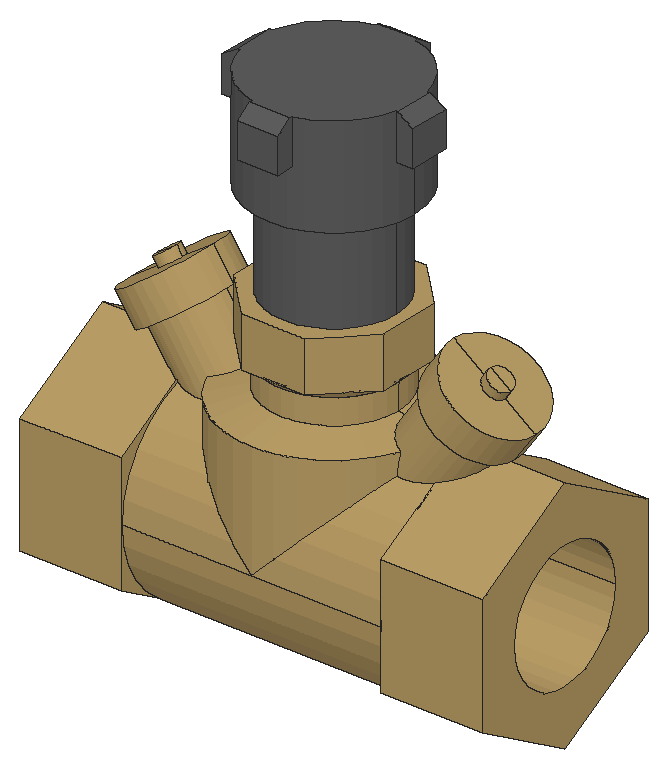
Revit family "oventrop_hycocon-vtz_1061704-16rfa", category Арматура трубопроводов, Revit 2017
Family settings
  Размер круглого соединителя = Использовать радиус
  Тип детали = Клапан - Вставляется
  Номер OmniClass = 23.65.55.14.17
  Заголовок OmniClass = Adjusting/Controlling Valves for Liquid Services
  На основе рабочей плоскости = Нет
  Всегда вертикально = Да
  При загрузке вырезать с полостями = Нет
  Общий = Нет
Parameters (values of type "DN 25")
  t2 = Female_Port_Width / 5  # 3.360 mm
  Use Nominal Diameter [instance] = yes
  built-in parameter 1114242 [instance] = 1
  Stabu Code = ""
  Revit Version = "2015"  # constant formula
  Product Line = "Oventrop"  # constant formula
  Language = ""
  IFCExportType = "PRESSUREREDUCING"
  IFCExportAs = "IfcValveType"
  Function Code [instance] = ""
  Female_Port_Width = 16.800 mm
  Family Version = "10.14"  # constant formula
  ETIM Article Class = "EC011463"
  EMCS Version = "2.0"  # constant formula
  Custom = no
  CB-NL Class = ""
  Bonnet_width = if(NominalDiameter < 30.000 mm, 38.000 mm, 50.000 mm)  # 38.000 mm
  Wholesaler Art. No. = ""
  Wholesaler = ""
  URL = "http://file-system.ru/catalog/zdaniya_i_sooruzheniya/kommunikatsii/oborudovanie_dlya_sistem_vodosnabzheniya_i_vodootvedeniya/hycocon_vtz_latun_dn_15_50_ventil_reguliruyushchiy/"
  SW2 = Nut_Dimension / sqrt(3 / 4)  # 47.343 mm
  Nut_Dimension = 41.000 mm
  Rad5 = 10.000 mm  # constant formula
  Rad4_a = (2 * Rad4) / (1 + sqrt(2))  # 12.426 mm
  Rad4 = 15.000 mm  # constant formula
  Rad3 = Rad4 - 2.000 mm  # 13.000 mm
  Rad2 = (Nut_Dimension / 2)  # 20.500 mm
  Rad1 = D / 2  # 16.500 mm
  Pressure Drop = 0.0 Pa
  OuterDiameter = 33.700 mm
  NominalRadius [instance] = if(Use Nominal Diameter, NominalDiameter / 2, OuterDiameter / 2)  # 12.700 mm
  NominalDiameter = 25.400 mm
  Группа модели = "Hycocon VTZ 10617"
  Изготовитель = "Oventrop"  # constant formula
  L1 = 0.85 * NominalDiameter + 17.500 mm  # 39.090 mm
  Length = 92.000 mm
  Internal Art. No. = ""
  H2 = (SW2 / 2) / sin(Angle) + (Rad5 / tan(Angle)) + 1.000 mm  # 36.899 mm
  H1 = Height - 53.000 mm - 5.000 mm  # 23.000 mm
  Height = 81.000 mm
  GTIN = "4026755238259"
  Описание = "Brass balancing valve"  # constant formula
  Manufacturer URL = "http://www.oventrop.de/ArticleInfo.aspx?art=1061708"
  D = 33.000 mm
  Brass = Color RGB 168-128-48
  Bonnet = Color RGB 35-35-35
  Article Type = "Hycocon VTZ 10617"  # constant formula
  Article Description = "Brass balancing valve"  # constant formula
  Angle = 55.00°  # constant formula
  Manufacturer Art. No. = "1061708"
Types (6, lengths in mm): name | t2 | Female_Port_Width | Bonnet_width | URL | SW2 | Nut_Dimension | Rad2 | Rad1 | OuterDiameter | NominalRadius | NominalDiameter | L1 | Length | H2 | H1 | Height | GTIN | Manufacturer URL | D | Manufacturer Art. No.
  DN 15 | 2.640 | 13.200 | 38.000 | "www.stabiplan.com" | 31.177 | 27.000 | 13.500 | 10.500 | 21.300 | 6.350 | 12.700 | 28.295 | 80.000 | 27.032 | 19.000 | 77.000 | "4026755238235" | "http://www.oventrop.de/ArticleInfo.aspx?art=1061704" | 21.000 | "1061704"
  DN 20 | 2.900 | 14.500 | 38.000 | "www.stabiplan.com" | 36.950 | 32.000 | 16.000 | 13.000 | 26.900 | 9.525 | 19.050 | 33.693 | 82.000 | 30.556 | 21.000 | 79.000 | "4026755238242" | "http://www.oventrop.de/ArticleInfo.aspx?art=1061706" | 26.000 | "1061706"
  DN 25 | 3.360 | 16.800 | 38.000 | "http://file-system.ru/catalog/zdaniya_i_sooruzheniya/kommunikatsii/oborudovanie_dlya_sistem_vodosnabzheniya_i_vodootvedeniya/hycocon_vtz_latun_dn_15_50_ventil_reguliruyushchiy/" | 47.343 | 41.000 | 20.500 | 16.500 | 33.700 | 12.700 | 25.400 | 39.090 | 92.000 | 36.899 | 23.000 | 81.000 | "4026755238259" | "http://www.oventrop.de/ArticleInfo.aspx?art=1061708" | 33.000 | "1061708"
  DN 32 | 3.820 | 19.100 | 50.000 | "www.stabiplan.com" | 57.735 | 50.000 | 25.000 | 21.000 | 42.400 | 15.875 | 31.750 | 44.488 | 115.000 | 43.243 | 33.000 | 91.000 | "4026755250473" | "http://www.oventrop.de/ArticleInfo.aspx?art=1061710" | 42.000 | "1061710"
  DN 40 | 3.820 | 19.100 | 50.000 | "www.stabiplan.com" | 63.509 | 55.000 | 27.500 | 24.000 | 48.300 | 19.050 | 38.100 | 49.885 | 130.000 | 46.767 | 42.000 | 100.000 | "4026755250480" | "http://www.oventrop.de/ArticleInfo.aspx?art=1061712" | 48.000 | "1061712"
  DN 50 | 5.140 | 25.700 | 50.000 | "www.stabiplan.com" | 80.829 | 70.000 | 35.000 | 30.000 | 60.300 | 25.400 | 50.800 | 60.680 | 140.000 | 57.339 | 46.000 | 104.000 | "4026755364057" | "http://www.oventrop.de/ArticleInfo.aspx?art=1061716" | 60.000 | "1061716"
Reference planes
  plane 1 "Center (Front/Back)": y = 0
  plane 2: z = 0
  plane 3 "Center (Left/Right)": x = 0
  plane 4: x = 46
  plane 5: x = -46
  plane 6: x = -29.2
  plane 7: x = 29.2
  plane 8: z = 81
  plane 9: z = 66
  plane 10: z = 72
  plane 11: z = 61
  plane 12: z = 42
  plane 13: z = 32
  plane 14: z = 30
  plane 15: z = 23
  plane 16: z = 79
  plane 17: y = 20.5
  plane 18: y = -20.5
  plane 19: z = 23.671
  plane 20: z = -23.671
  plane 21: x = -25.84
  plane 22: x = 25.84
  plane 23: x = -19
  plane 24: x = 19
  plane 25: x = 16
  plane 26: x = -16
  plane 27: x = -4
  plane 28: x = 4
  plane 29: y = 4
  plane 30: y = -4
  plane 31: y = 16
  plane 32: y = 19
  plane 33: y = -16
  plane 34: y = -19
  plane 35: x = -15
  plane 36: x = 15
  plane 37: x = 13
  plane 38: z = 25
  plane 39: x = 20.5
  plane 40: x = -6.213
  plane 41: x = 6.213
  plane 42: y = 6.213
  plane 43: y = 15
  plane 44: y = -6.213
  plane 45: y = -15
  plane 46: x = -6.91
  plane 47: x = 6.91
Forms (mm)
  Extrusion 1, solid, material "Color RGB 168-128-48" <- "Brass", detail levels fine
    sketch origin (0, 0, 0) x (0, 1, 0) y (0, 0, 1)
      loop
        line (0, 23.671) -> (-20.5, 11.836) -> (-20.5, -11.836) -> (0, -23.671) -> (20.5, -11.836) -> (20.5, 11.836) -> (0, 23.671)
      loop
        circle (0, 0) r 12.7
    from 25.84 to 46
  Extrusion 2, solid, material "Color RGB 168-128-48" <- "Brass", detail levels fine
    sketch origin (0, 0, 0) x (0, 1, 0) y (0, 0, 1)
      loop
        line (0, 23.671) -> (-20.5, 11.836) -> (-20.5, -11.836) -> (0, -23.671) -> (20.5, -11.836) -> (20.5, 11.836) -> (0, 23.671)
      loop
        circle (0, 0) r 12.7
    from -25.84 to -46
  Extrusion 3, solid, material "Color RGB 168-128-48" <- "Brass", detail levels fine
    sketch origin (0, 0, 0) x (0, 1, 0) y (0, 0, 1)
      loop
        circle (0, 0) r 16.5
    from 25.84 to 29.2
  Extrusion 4, solid, material "Color RGB 168-128-48" <- "Brass", detail levels fine
    sketch origin (0, 0, 0) x (0, 1, 0) y (0, 0, 1)
      loop
        circle (0, 0) r 20.5
    from -25.84 to 25.84
  Extrusion 5, solid, material "Color RGB 168-128-48" <- "Brass", detail levels fine
    sketch origin (0, 0, 0) x (0, 1, 0) y (0, 0, 1)
      loop
        circle (0, 0) r 16.5
    from -25.84 to -29.2
  Revolve 6, solid, material "Color RGB 35-35-35" <- "Bonnet", detail levels fine
    sketch origin (0, 0, 0) x (1, 0, 0) y (0, 0, 1)
      loop
        line (0, 81) -> (0, 42) -> (12.5, 42) -> (12.5, 61) -> (16, 61) -> (16, 81) -> (0, 81)
      axis (0, 81) -> (0, 42)
    angle from 0 to 360
  Extrusion 7, solid, material "Color RGB 35-35-35" <- "Bonnet", detail levels fine
    sketch origin (0, 0, 0) x (1, 0, 0) y (0, 0, 1)
      loop
        line (-16, 81) -> (-19, 79) -> (-19, 72) -> (19, 72) -> (19, 79) -> (16, 81) -> (-16, 81)
    from -4 to 4
  Extrusion 8, solid, material "Color RGB 35-35-35" <- "Bonnet", detail levels fine
    sketch origin (0, 0, 0) x (0, 1, 0) y (0, 0, 1)
      loop
        line (16, 81) -> (-16, 81) -> (-19, 79) -> (-19, 72) -> (19, 72) -> (19, 79) -> (16, 81)
    from -4 to 4
  Revolve 9, solid, material "Color RGB 168-128-48" <- "Brass", detail levels fine
    sketch origin (0, 0, 0) x (1, 0, 0) y (0, 0, 1)
      loop
        line (0, 42) -> (0, 0) -> (20.5, 0) -> (20.5, 23) -> (13, 25) -> (13, 30) -> (15, 32) -> (15, 42) -> (0, 42)
      axis (0, 42) -> (0, 0)
    angle from 0 to 360
  Extrusion 10, solid, material "Color RGB 168-128-48" <- "Brass", detail levels fine
    sketch origin (73.299, -1524, 32) x (0, -1, 0) y (-1, 0, 0)
      loop
        line (-1539, 79.512) -> (-1539, 67.086) -> (-1530.213, 58.299) -> (-1517.787, 58.299) -> (-1509, 67.086) -> (-1509, 79.512) -> (-1517.787, 88.299) -> (-1530.213, 88.299) -> (-1539, 79.512)
    from 0 to -10
  Revolve 11, solid, material "Color RGB 168-128-48" <- "Brass", detail levels fine
    sketch origin (-6.91, 0, 0) x (-0.573576, 0, 0.819152) y (-0.819152, 0, -0.573576)
      loop
        line (0, 0) -> (0, -8) -> (36.899, -8) -> (36.899, -10) -> (43.899, -10) -> (43.899, -2.5) -> (45.899, -2.5) -> (45.899, 0) -> (0, 0)
      axis (0, 0) -> (45.899, 0)
    angle from 0 to 360
  Revolve 12, solid, material "Color RGB 168-128-48" <- "Brass", detail levels fine
    sketch origin (6.91, 0, 0) x (0.573576, 0, 0.819152) y (-0.819152, 0, 0.573576)
      loop
        line (0, 0) -> (0, -8) -> (36.899, -8) -> (36.899, -10) -> (43.899, -10) -> (43.899, -2.5) -> (45.899, -2.5) -> (45.899, 0) -> (0, 0)
      axis (0, 0) -> (45.899, 0)
    angle from 0 to 360
Cuts and joins
  joined: Revolve 6, Extrusion 7, Extrusion 8
  joined: Extrusion 4, Revolve 9, Extrusion 10, Revolve 11, Revolve 12
Lines and regions (mm)
  reference lines
    curve 1: line (0, 0, 23.671) -> (0, -41, 0)
    curve 2: line (0, 0, -23.671) -> (0, 41, 0)
    curve 3: line (0, 0, -23.671) -> (0, -41, 0)
    curve 4: line (0, 0, 23.671) -> (0, 41, 0)
    curve 5: line (-6.91, 0, 0) -> (-44.192, 0, 53.245)
    curve 6: line (6.91, 0, 0) -> (44.192, 0, 53.245)
  model lines, style "Accessories", detail levels coarse+medium
    curve 7: circle (0, 0, 0) r 12.7 normal (1, 0, 0)
    curve 8: line (-29.2, 0, 23.671) -> (-29.2, 0, -23.671)
    curve 9: line (29.2, 0, -23.671) -> (29.2, 0, 23.671)
    curve 10: line (29.2, 0, 23.671) -> (-29.2, 0, -23.671)
    curve 11: line (-29.2, 0, 23.671) -> (29.2, 0, -23.671)
    curve 12: line (-29.2, 20.5, 0) -> (-29.2, -20.5, 0)
    curve 13: line (29.2, -20.5, 0) -> (29.2, 20.5, 0)
    curve 14: line (29.2, 20.5, 0) -> (-29.2, -20.5, 0)
    curve 15: line (-29.2, 20.5, 0) -> (29.2, -20.5, 0)
Dimensions and locks
  equal spacing: plane 17, plane 1 "Center (Front/Back)", plane 18
  "Nut_Dimension": plane 17 to plane 18
  equal spacing: plane 19, level, plane 20
  "SW2": plane 19 to plane 20
  equal spacing: curve 4, plane 1 "Center (Front/Back)", curve 3
  "Nut_Dimension": curve 4 to curve 3
  equal spacing: curve 2, plane 1 "Center (Front/Back)", curve 1
  "Nut_Dimension": curve 2 to curve 1
  equal spacing: plane 4, plane 3 "Center (Left/Right)", plane 5
  "Length": plane 5 to plane 4
  "Female_Port_Width": plane 4 to plane 7
  "Female_Port_Width": plane 5 to plane 6
  "t2": plane 21 to plane 6
  "t2": plane 22 to plane 7
  "H1": plane 15 to level
  "Height": plane 8 to level
  locked: plane 8 to plane 16 at 2
  locked: plane 8 to plane 10 at 9
  locked: plane 10 to plane 9 at 6
  locked: plane 9 to plane 11 at 5
  locked: plane 11 to plane 12 at 19
  locked: plane 12 to plane 13 at 10
  locked: plane 13 to plane 14 at 2
  equal spacing: plane 24, plane 3 "Center (Left/Right)", plane 23
  "Bonnet_width": plane 24 to plane 23
  equal spacing: plane 25, plane 3 "Center (Left/Right)", plane 26
  locked: plane 25 to plane 3 "Center (Left/Right)" at 16
  locked: plane 25 to Revolve 6 sketch curve at 3.5
  equal spacing: plane 28, plane 3 "Center (Left/Right)", plane 27
  locked: plane 28 to plane 3 "Center (Left/Right)" at 4
  equal spacing: plane 29, plane 1 "Center (Front/Back)", plane 30
  locked: plane 1 "Center (Front/Back)" to plane 30 at 4
  equal spacing: plane 32, plane 1 "Center (Front/Back)", plane 34
  equal spacing: plane 31, plane 1 "Center (Front/Back)", plane 33
  locked: plane 1 "Center (Front/Back)" to plane 33 at 16
  "Bonnet_width": plane 32 to plane 34
  equal spacing: plane 36, plane 3 "Center (Left/Right)", plane 35
  "Rad4": plane 36 to plane 3 "Center (Left/Right)"
  "Rad3": plane 37 to plane 3 "Center (Left/Right)"
  locked: plane 38 to plane 15 at 2
  "Rad2": plane 39 to plane 3 "Center (Left/Right)"
  equal spacing: plane 45, plane 1 "Center (Front/Back)", plane 43
  "Rad4": plane 1 "Center (Front/Back)" to plane 43
  equal spacing: plane 44, plane 1 "Center (Front/Back)", plane 42
  "Rad4_a": plane 42 to plane 44
  equal spacing: plane 41, plane 3 "Center (Left/Right)", plane 40
  "Rad4_a": plane 41 to plane 40
  equal spacing: plane 47, plane 3 "Center (Left/Right)", plane 46
  "L1": plane 46 to plane 5
  locked: Revolve 11 sketch curve to curve 5 at 2.5
  "Rad5": Revolve 11 sketch curve to curve 5
  "H2": Revolve 11 sketch curve to Revolve 11 sketch curve
  locked: Revolve 11 sketch curve to Revolve 11 sketch curve at 7
  locked: Revolve 11 sketch curve to Revolve 11 sketch curve at 2  (x2)
  "Rad5": Revolve 12 sketch curve to curve 6
  locked: Revolve 12 sketch curve to Revolve 12 sketch curve at 2  (x2)
  locked: Revolve 12 sketch curve to curve 6 at 2.5
  locked: Revolve 12 sketch curve to Revolve 12 sketch curve at 7
  "H2": Revolve 12 sketch curve to Revolve 12 sketch curve
  locked: plane 1 "Center (Front/Back)" to curve 7  (x2)
  locked: level to curve 7  (x2)
  "Rad1": radius of Extrusion 3 sketch curve
  "Rad2": radius of Extrusion 4 sketch curve
  "Rad1": radius of Extrusion 5 sketch curve
  "NominalRadius": radius of curve 7
  "NominalRadius": radius of Extrusion 1 sketch curve
  "NominalRadius": radius of Extrusion 2 sketch curve
  "Angle": angle level to curve 6
  "Angle": angle curve 5 to level
  aligned and locked: level to plane 2
  aligned and locked: plane 19 to curve 1
  aligned and locked: level to curve 1
  aligned and locked: plane 1 "Center (Front/Back)" to curve 1
  aligned and locked: Extrusion 1 sketch curve to curve 1
  aligned and locked: plane 18 to Extrusion 1 sketch curve
  aligned and locked: Extrusion 1 sketch curve to curve 3
  aligned and locked: Extrusion 1 sketch curve to curve 2
  aligned and locked: Extrusion 1 sketch curve to plane 17
  aligned and locked: Extrusion 1 sketch curve to curve 4
  aligned and locked: Extrusion 2 sketch curve to curve 1
  aligned and locked: plane 18 to Extrusion 2 sketch curve
  aligned and locked: Extrusion 2 sketch curve to curve 3
  aligned and locked: Extrusion 2 sketch curve to curve 2
  aligned and locked: Extrusion 2 sketch curve to plane 17
  aligned and locked: Extrusion 2 sketch curve to curve 4
  aligned and locked: plane 21 to Extrusion 2
  aligned and locked: plane 5 to Extrusion 2
  aligned and locked: Extrusion 1 to plane 22
  aligned and locked: plane 4 to Extrusion 1
  aligned and locked: plane 21 to Extrusion 5
  aligned and locked: Extrusion 3 to plane 22
  aligned and locked: Extrusion 5 to plane 6
  aligned and locked: Extrusion 3 to plane 7
  aligned and locked: Extrusion 4 to plane 21
  aligned and locked: plane 22 to Extrusion 4
  aligned and locked: Revolve 6 sketch curve to plane 8
  aligned and locked: Revolve 6 sketch curve to plane 11
  aligned and locked: plane 12 to Revolve 6 sketch curve
  aligned and locked: plane 3 "Center (Left/Right)" to Revolve 6 sketch curve
  aligned and locked: Revolve 6 sketch curve to plane 3 "Center (Left/Right)"
  aligned and locked: Revolve 6 sketch curve to plane 25
  aligned and locked: plane 25 to Extrusion 7 sketch curve
  aligned and locked: Extrusion 7 sketch curve to plane 8
  aligned and locked: plane 16 to Extrusion 7 sketch curve  (x2)
  aligned and locked: Extrusion 7 sketch curve to plane 24
  aligned and locked: plane 26 to Extrusion 7 sketch curve
  aligned and locked: Extrusion 7 sketch curve to plane 23
  aligned and locked: Extrusion 7 sketch curve to plane 10
  aligned and locked: Extrusion 7 to plane 30
  aligned and locked: Extrusion 7 to plane 29
  aligned and locked: plane 31 to Extrusion 8 sketch curve
  aligned and locked: plane 33 to Extrusion 8 sketch curve
  aligned and locked: plane 8 to Extrusion 8 sketch curve
  aligned and locked: Extrusion 8 sketch curve to plane 10
  aligned and locked: plane 16 to Extrusion 8 sketch curve  (x2)
  aligned and locked: plane 32 to Extrusion 8 sketch curve
  aligned and locked: plane 34 to Extrusion 8 sketch curve
  aligned and locked: Extrusion 8 to plane 28
  aligned and locked: Extrusion 8 to plane 27
  aligned and locked: Revolve 9 sketch curve to plane 12
  aligned and locked: plane 13 to Revolve 9 sketch curve
  aligned and locked: plane 36 to Revolve 9 sketch curve
  aligned and locked: plane 14 to Revolve 9 sketch curve
  aligned and locked: Revolve 9 sketch curve to plane 37
  aligned and locked: plane 38 to Revolve 9 sketch curve
  aligned and locked: Revolve 9 sketch curve to plane 3 "Center (Left/Right)"  (x2)
  aligned and locked: plane 15 to Revolve 9 sketch curve
  aligned and locked: plane 2 to Revolve 9 sketch curve
  aligned and locked: Revolve 9 sketch curve to plane 39
  aligned and locked: plane 40 to Extrusion 10 sketch curve  (x2)
  aligned and locked: plane 41 to Extrusion 10 sketch curve  (x2)
  aligned and locked: Extrusion 10 sketch curve to plane 43
  aligned and locked: plane 44 to Extrusion 10 sketch curve  (x2)
  aligned and locked: Extrusion 10 sketch curve to plane 36
  aligned and locked: Extrusion 10 sketch curve to plane 45
  aligned and locked: plane 42 to Extrusion 10 sketch curve
  aligned and locked: Extrusion 10 sketch curve to plane 35
  aligned and locked: plane 12 to Extrusion 10
  aligned and locked: plane 13 to Extrusion 10
  aligned and locked: plane 2 to curve 5
  aligned and locked: plane 2 to curve 6
  aligned and locked: plane 46 to curve 5
  aligned and locked: plane 47 to curve 6
  aligned and locked: Revolve 11 sketch curve to curve 5  (x2)
  aligned and locked: Revolve 12 sketch curve to curve 6  (x3)
  aligned and locked: plane 19 to curve 8
  aligned and locked: plane 20 to curve 8
  aligned and locked: curve 8 to plane 6
  aligned and locked: plane 20 to curve 9
  aligned and locked: plane 19 to curve 9
  aligned and locked: curve 9 to plane 7
  aligned and locked: plane 17 to curve 12
  aligned and locked: plane 18 to curve 12
  aligned and locked: curve 12 to plane 6
  aligned and locked: plane 18 to curve 13
  aligned and locked: plane 17 to curve 13
  aligned and locked: curve 13 to plane 7
Automatic sketch dimensions
  plane 20 to Revolve 6 sketch curve = 350.456 mm
  plane 8 to Revolve 6 sketch curve = 2137.315 mm
  plane 20 to Revolve 9 sketch curve = 350.456 mm
  plane 8 to Revolve 9 sketch curve = 2137.315 mm
  Extrusion 10 sketch curve to plane 42 = 0.000 mm
  curve 7 to level = 0.000 mm
  curve 7 to plane 1 "Center (Front/Back)" = 0.000 mm
  Extrusion 1 sketch curve to level = 0.000 mm
  Extrusion 1 sketch curve to plane 1 "Center (Front/Back)" = 0.000 mm
  Extrusion 2 sketch curve to level = 0.000 mm
  Extrusion 2 sketch curve to plane 1 "Center (Front/Back)" = 0.000 mm
  Extrusion 3 sketch curve to level = 0.000 mm
  Extrusion 3 sketch curve to plane 1 "Center (Front/Back)" = 0.000 mm
  Extrusion 4 sketch curve to level = 0.000 mm
  Extrusion 4 sketch curve to plane 1 "Center (Front/Back)" = 0.000 mm
  Extrusion 5 sketch curve to level = 0.000 mm
  Extrusion 5 sketch curve to plane 1 "Center (Front/Back)" = 0.000 mm
  Revolve 11 sketch curve to curve 5 = 0.000 mm  (x3)
  Revolve 12 sketch curve to curve 6 = 0.000 mm  (x2)
Connectors
  piping at (-29.2, 0, 0), diameter 25.4, driven by "NominalRadius"
    settings: on Extrusion 5, index 1, connector inside diameter 15.000 mm, connector length 0.000 mm, flow factor 0, pipe flow 0.0 L/s, pressure drop 0.0 Pa, fitting loss kfactor 0, connector angle 0.00°, fixture units 0, engagement length 0.000 mm, angle of deflection 0.00°, flow configuration 0, flow direction 1, fitting loss method 4, system type 29, joint type 0, gender type 0, connector reference index 2, connector utility 0, adjustable connector no, is connector primary yes, connector description "Global In"
  piping at (29.2, 0, 0), diameter 25.4, driven by "NominalRadius"
    settings: on Extrusion 3, index 2, connector inside diameter 15.000 mm, connector length 0.000 mm, flow factor 0, pipe flow 0.0 L/s, pressure drop 0.0 Pa, fitting loss kfactor 0, connector angle 0.00°, fixture units 0, engagement length 0.000 mm, angle of deflection 0.00°, flow configuration 0, flow direction 2, fitting loss method 4, system type 29, joint type 0, gender type 0, connector reference index 1, connector utility 0, adjustable connector no, is connector primary no, connector description "Global Out"
